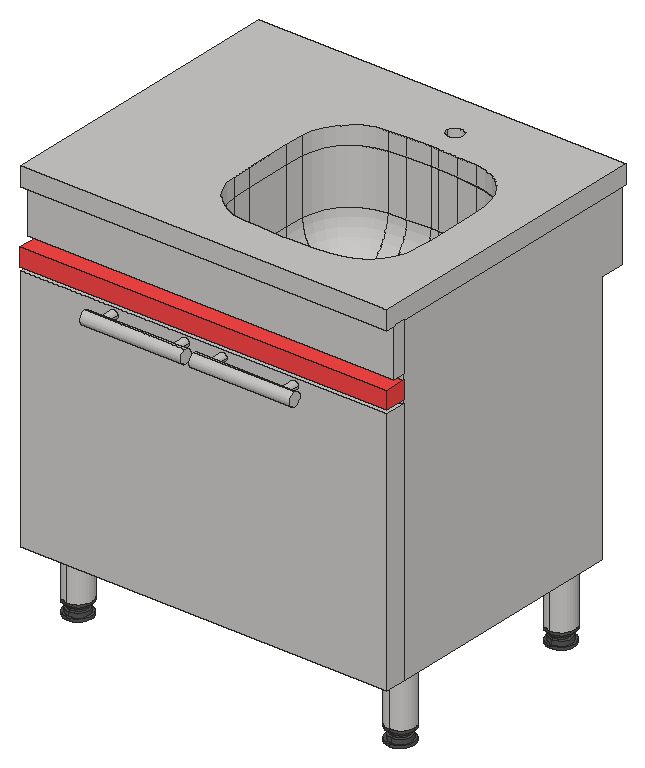
Revit family "ADB Chef’s sink cupboard CMA 801", category Equipement spécialisé, Revit 2022
Family settings
  Cote de connecteur circulaire = Utiliser le diamètre
  Type d'élément = Normal
  Numéro OmniClass = 23.40.40.14.17.11
  Titre OmniClass = Cookers, Ovens, Stoves
  Basée sur le plan de construction = Non
  Toujours verticalement = Oui
  Couper avec des vides une fois chargée = Non
  Conserver l'orientation des annotations = Non
  Partagée = Non
  Repère de localisation dans la pièce = Non
Parameters (values of type "CMA 801 BCFD")
  URL Cutsheet = "https://www.ambassade-de-bourgogne.com/fr/produits/armoires/Resources/N32-CMA_801_BCFD.pdf"
  URL = "https://www.ambassade-de-bourgogne.com/fr/produits/armoires/Resources/N32-CMA_801_BCFD.pdf"
  Item Number = ""
  Water tap option [instance] = no
  Plumbing Remarks [instance] = if(Water tap option, "G3/8 ou G1/2", "")  # ""
  Plaque = CME801 BCFG_BCFD : BCFD
  Specification by Manufacturer = ""
  Depth [instance] = 705 mm + if([Wall-spacer DSA 800], 50 mm, 0 mm)  # 705 mm
  Weight [instance] = 71.00 kg + if([Wall-spacer DSA 800], 1.00 kg, 0.00 kg) + if(Water tap option, 10.00 kg, 0.00 kg)  # 71.00 kg
  Modèle = "CMA 801 BCFD"
  Length [instance] = 800 mm  # constant formula
  Height [instance] = if(Water tap option, 1280 mm, if([Wall-spacer DSA 800], 1000 mm, 900 mm))  # 900 mm
  Fabricant = "Société Industrielle de Lacanche"  # constant formula
  Elévation par défaut = 0 mm
  Wall-spacer DSA 800 [instance] = no
  Dosseret [instance] = if([Wall-spacer DSA 800], 50 mm, 0 mm)  # 0 mm
  Direct Waste Size = 40.00 mm  # constant formula
  Cold Water Size [instance] = if(Water tap option, 14.95 mm, 0.00 mm)  # 0.00 mm
  Hot Water Size [instance] = if(Water tap option, 14.95 mm, 0.00 mm)  # 0.00 mm
  Description = "Right hs Chef’s sink"
  Connectors [instance] = yes
  Connecteur alimentation eau [instance] = and(Connectors, Water tap option)  # no
  Commentaires du type = "Ambassade range - Cupboards - Worktops"
Types (2, lengths in mm): name | URL Cutsheet | URL | Plaque | Modèle | Description
  CMA 801 BCFG | "https://www.ambassade-de-bourgogne.com/fr/produits/armoires/Resources/N31-CMA_801_BCFG.pdf" | "https://www.ambassade-de-bourgogne.com/fr/produits/armoires/Resources/N31-CMA_801_BCFG.pdf" | CME801 BCFG_BCFD : BCFG | "CMA 801 BCFG" | "Left hs Chef’s sink"
  CMA 801 BCFD | "https://www.ambassade-de-bourgogne.com/fr/produits/armoires/Resources/N32-CMA_801_BCFD.pdf" | "https://www.ambassade-de-bourgogne.com/fr/produits/armoires/Resources/N32-CMA_801_BCFD.pdf" | CME801 BCFG_BCFD : BCFD | "CMA 801 BCFD" | "Right hs Chef’s sink"
Reference planes
  plane 1 "Centre (avant/arrière)": y = 0
  plane 2: z = 0
  plane 3 "Centre (gauche/droite)": x = 0
  plane 4 "gauche": x = -400
  plane 5 "droite": x = 400
  plane 6 "fond de meuble": y = 325
  plane 7 "avant": y = -325
  plane 8 "arrière": y = 325
  plane 9: z = 900
  plane 10: x = 0
  plane 11: z = 765
  plane 12: x = 350
  plane 13: z = 810
  plane 14: y = -380
  plane 15: z = 386
Forms (mm)
  Extrusion 1, solid, detail levels coarse
    sketch origin (0, 0, 0) x (1, 0, 0) y (0, 1, 0)
      loop
        line (-400, 325) -> (-400, -380) -> (400, -380) -> (400, 325) -> (-400, 325)
    from 0 to 900 <- "Height"
  Extrusion 2, solid, material "ADB_Network_Used_water_Green", visible <- "Connectors", detail levels medium+fine
    sketch origin (254, 295, 245) x (0, 0, -1) y (-1, 0, 0)
      loop
        circle (-166, 254) r 20
    from 0 to 10
  Extrusion 3, solid, material "ADB_Network_Cold_water_Blue", visible <- "Connecteur alimentation eau", detail levels medium+fine
    sketch origin (266.475, 295, 207.525) x (0, 0, -1) y (-1, 0, 0)
      loop
        circle (-166, 254) r 7.475
    from 0 to 10
  Extrusion 4, solid, material "ADB_Network_Hot_water_Orange", visible <- "Connecteur alimentation eau", detail levels medium+fine
    sketch origin (241.525, 295, 207.525) x (0, 0, -1) y (-1, 0, 0)
      loop
        circle (-166, 254) r 7.475
    from 0 to 10
Dimensions and locks
  equal spacing: plane 5 "droite", plane 3 "Centre (gauche/droite)", plane 4 "gauche"
  "Length": plane 5 "droite" to plane 4 "gauche"
  plane 6 "fond de meuble" to plane 7 "avant" = 650 mm
  locked: plane 7 "avant" to plane 1 "Centre (avant/arrière)" at 325
  "Dosseret": plane 8 "arrière" to plane 6 "fond de meuble"
  "Height": plane 9 to plane 2
  plane 2 to plane 11 = 765 mm
  plane 5 "droite" to plane 10 = 400 mm
  plane 12 to plane 5 "droite" = 50 mm
  plane 2 to plane 13 = 810 mm
  "Depth": plane 8 "arrière" to plane 14
  aligned and locked: level to plane 2
  aligned and locked: plane 3 "Centre (gauche/droite)" to nested 1
  aligned and locked: plane 8 "arrière" to Extrusion 1
  aligned and locked: Extrusion 1 to plane 14
Automatic sketch dimensions
  Extrusion 1 sketch curve to plane 4 "gauche" = 0 mm
  Extrusion 1 sketch curve to plane 5 "droite" = 0 mm
  Extrusion 1 sketch curve to plane 14 = 0 mm
  plane 6 "fond de meuble" to Extrusion 1 sketch curve = 0 mm
  nested 1 to Extrusion 2 sketch curve = 191 mm
  Extrusion 2 sketch curve to nested 1 = 254 mm
  nested 1 to Extrusion 3 sketch curve = 153.525 mm
  Extrusion 3 sketch curve to nested 1 = 241.525 mm
  nested 1 to Extrusion 4 sketch curve = 153.525 mm
  nested 1 to Extrusion 4 sketch curve = 241.525 mm
  radius of Extrusion 2 sketch curve = 20 mm
  radius of Extrusion 3 sketch curve = 7.475 mm
  radius of Extrusion 4 sketch curve = 7.475 mm
Nested families
  nested 1: "Soubassement armoire" at (0, 0, 0), Dosseret <- "Wall-spacer DSA 800", type "1 armoire", detail levels medium+fine
    with Depth 703 mm, Door hinges inversion option no, Porte yes, Length 800 mm, Height 900 mm, Encombrement Porte standard yes, Encombrement Porte inversée no, Echelle no, Ech 808 no, Décalage poignée 395.5 mm, Dosseret no
  nested 2: "CME801 BCFG_BCFD" at (0, 0, 900), type <- "Plaque", Robinet <- "Water tap option", type "BCFD", detail levels medium+fine
    with Robinet no
Connectors
  piping at (0, 295, 411), diameter 40, driven by "Direct Waste Size"
    settings: on Extrusion 2, index 1, connector inside diameter 609.60 mm, connector length 0 mm, flow factor 0, pipe flow 0.0 L/s, pressure drop 0.0 Pa, fitting loss kfactor 0, connector angle 0.00°, fixture units 0, engagement length 0 mm, angle of deflection 0.00°, flow configuration 0, flow direction 0, fitting loss method 0, system type 7, joint type 0, gender type 0, connector reference index -1, connector utility 0, adjustable connector no, is connector primary yes, connector description ""
  piping at (12.475, 295, 373.525), driven by "Cold Water Size"
    settings: on Extrusion 3, index 2, connector diameter 0.00 mm, connector inside diameter 609.60 mm, connector length 0 mm, flow factor 0, pipe flow 0.0 L/s, pressure drop 0.0 Pa, fitting loss kfactor 0, connector angle 0.00°, fixture units 0, engagement length 0 mm, angle of deflection 0.00°, flow configuration 0, flow direction 2, fitting loss method 0, system type 29, joint type 0, gender type 0, connector reference index -1, connector utility 0, adjustable connector no, is connector primary no, connector description "Alimentation eau froide"
  piping at (-12.475, 295, 373.525), driven by "Hot Water Size"
    settings: on Extrusion 4, index 3, connector diameter 0.00 mm, connector inside diameter 609.60 mm, connector length 0 mm, flow factor 0, pipe flow 0.0 L/s, pressure drop 0.0 Pa, fitting loss kfactor 0, connector angle 0.00°, fixture units 0, engagement length 0 mm, angle of deflection 0.00°, flow configuration 0, flow direction 1, fitting loss method 0, system type 29, joint type 0, gender type 0, connector reference index -1, connector utility 0, adjustable connector no, is connector primary no, connector description "Alimentation eau chaude"
Definition of nested family "Soubassement armoire"
  Parameters (values of type "1 armoire")
    Profondeur produit = 650 mm
    Profondeur baie libre = if(Baie libre, Profondeur produit - 68 mm, 1 mm)  # 582 mm
    Door hinges inversion option [instance] = no
    Longueur poignée = 229 mm  # constant formula
    Encombrement Porte inversée [instance] = and(Porte, Door hinges inversion option)  # no
    Encombrement Porte standard [instance] = and(Porte, not(Door hinges inversion option))  # yes
    Porte [instance] = yes
    Depth [instance] = Profondeur produit + if(Dosseret, 50 mm, 0 mm) + 53 mm  # 703 mm
    Longueur produit = 800 mm
    Length [instance] = Longueur produit  # 800 mm
    Hauteur produit = 900 mm
    Height [instance] = Hauteur produit + if(Dosseret, 100 mm, 0 mm)  # 900 mm
    Default Elevation = 0 mm
    Echelle [instance] = no
    Ech 808 [instance] = no
    Décalage poignée [instance] = if(Door hinges inversion option, Length, 395.5 mm)  # 395.5 mm
    Dosseret [instance] = no
    Baie libre = yes
  Reference planes
    plane 1 "Centre (avant/arrière)": y = 0
    plane 2: z = 0
    plane 3 "Centre (gauche/droite)": x = 0
    plane 4 "Gauche": x = -400
    plane 5 "Arrière": y = 325
    plane 6 "Droite": x = 400
    plane 7 "Avant": y = -325
    plane 8 "dessous meuble": z = 155
    plane 9 "Dessus de plan": z = 900
    plane 10 "Baguette coloré": z = 696
    plane 11 "dessous plan": z = 860
    plane 12 "Face": y = -280
    plane 13 "commande": z = 755
    plane 14 "dessus dosseret": z = 900
    plane 15: y = -377.967
    plane 16: y = 325.033
    plane 17 "Baguette colorë": y = -780
    plane 18: x = -4.5
    plane 19: x = -343.25
    plane 20: x = 343.25
  Forms (mm)
    Extrusion 1, solid, visible <- "Porte", detail levels medium+fine
      sketch origin (-400, 0, 0) x (0, 1, 0) y (0, 0, 1)
        loop
          line (-325, 155) -> (-280, 155) -> (-280, 696) -> (-325, 696) -> (-325, 155)
      from 0 to 800 <- "Length"
    Extrusion 2, solid, detail levels medium+fine
      sketch origin (-400, 0, 0) x (0, 1, 0) y (0, 0, 1)
        loop
          line (-280, 742.5) -> (-327, 742.5) -> (-327, 705) -> (-280, 705) -> (-280, 742.5)
      from 0 to 800 <- "Length"
    Extrusion 3, solid, detail levels medium+fine
      sketch origin (-400, 0, 0) x (0, 1, 0) y (0, 0, 1)
        loop
          line (325, 900) -> (-325, 900) -> (-325, 860) -> (325, 860) -> (325, 900)
      from 0 to 800 <- "Length"
    Extrusion 4, void
      sketch origin (0, -325, 0) x (-1, 0, 0) y (0, 0, 1)
        loop
          line (343.25, 647.6) -> (-343.25, 647.6) -> (-343.25, 261.5) -> (343.25, 261.5) -> (343.25, 647.6)
      from 0 to 582 <- "Profondeur baie libre"
    Extrusion 5, solid, detail levels medium+fine
      sketch origin (-400, 0, 0) x (0, 1, 0) y (0, 0, 1)
        loop
          line (-280, 860) -> (-306, 860) -> (-306, 755) -> (-280, 755) -> (-280, 860)
      from 0 to 800 <- "Length"
    Extrusion 6, solid, detail levels medium+fine
      sketch origin (-400, 0, 0) x (0, 1, 0) y (0, 0, 1)
        loop
          line (315, 860) -> (-280, 860) -> (-280, 155) -> (260, 155) -> (260, 707) -> (315, 707) -> (315, 860)
      from 0 to 800 <- "Length"
    Revolve 7, solid, detail levels medium+fine
      sketch origin (351.965, 0, 0) x (0, 1, 0) y (0, 0, -1)
        loop
          line (-258.968, -155) -> (-229, -155) -> (-229, 0) -> (-258.492, 0) -> (-258.492, -5) -> (-253.001, -5) -> (-253.001, -13.586) -> (-248.857, -16.488) -> (-248.857, -22) -> (-252.82, -22) -> (-258.968, -28.148) -> (-258.968, -34) -> (-258.968, -155)
        axis (-229, 0) -> (-229, -155)
      angle from 0 to 360
    Revolve 8, solid, detail levels medium+fine
      sketch origin (-351.965, 0, 0) x (0, 1, 0) y (0, 0, 1)
        loop
          line (-258.968, 155) -> (-258.968, 34) -> (-258.968, 28.148) -> (-252.82, 22) -> (-248.857, 22) -> (-248.857, 16.488) -> (-253.001, 13.586) -> (-253.001, 5) -> (-258.492, 5) -> (-258.492, 0) -> (-229, 0) -> (-229, 155) -> (-258.968, 155)
        axis (-229, 0) -> (-229, 155)
      angle from 0 to 360
    Revolve 9, solid, detail levels medium+fine
      sketch origin (-351.965, -20, 0) x (0, -1, 0) y (0, 0, -1)
        loop
          line (-258.968, -155) -> (-229, -155) -> (-229, 0) -> (-258.492, 0) -> (-258.492, -5) -> (-253.001, -5) -> (-253.001, -13.586) -> (-248.857, -16.488) -> (-248.857, -22) -> (-252.82, -22) -> (-258.968, -28.148) -> (-258.968, -34) -> (-258.968, -155)
        axis (-229, 0) -> (-229, -155)
      angle from 0 to 360
    Extrusion 10, solid, visible <- "Dosseret", detail levels medium+fine
      sketch origin (-400, 0, 0) x (0, 1, 0) y (0, 0, 1)
        loop
          line (375.033, 1000) -> (325, 1000) -> (325, 860) -> (375.033, 860) -> (375.033, 1000)
      from 0 to 800 <- "Length"
    Revolve 11, solid, detail levels medium+fine
      sketch origin (351.965, -20, 0) x (0, -1, 0) y (0, 0, 1)
        loop
          line (-258.968, 155) -> (-258.968, 34) -> (-258.968, 28.148) -> (-252.82, 22) -> (-248.857, 22) -> (-248.857, 16.488) -> (-253.001, 13.586) -> (-253.001, 5) -> (-258.492, 5) -> (-258.492, 0) -> (-229, 0) -> (-229, 155) -> (-258.968, 155)
        axis (-229, 0) -> (-229, 155)
      angle from 0 to 360
    Extrusion 12, void
      sketch origin (0, 0, 900) x (0, -1, 0) y (1, 0, 0)
        loop
          line (-307.033, -366.567) -> (-293.033, -366.567) -> (-293.033, 366.464) -> (-307.033, 366.464) -> (-307.033, -366.567)
      from 0 to -0.8
    Extrusion 13, solid, detail levels medium+fine
      sketch origin (-400, 260, 155) x (0, 0, 1) y (1, 0, 0)
        loop
          line (65, 654) -> (65, 146) -> (552, 146) -> (552, 654) -> (65, 654)
      from 0 to 35
    Extrusion 14, solid, visible <- "Echelle", detail levels medium+fine
      sketch origin (22.75, 0, 0) x (1, 0, 0) y (0, 0, 1)
        loop
          line (-366, 648.8) -> (-366, 623.8) -> (-356.5, 623.8) -> (-356.5, 625) -> (-364.8, 625) -> (-364.8, 647.6) -> (-348, 647.6) -> (-348, 648.8) -> (-366, 648.8)
        loop
          line (-366, 548.8) -> (-366, 523.8) -> (-356.5, 523.8) -> (-356.5, 525) -> (-364.8, 525) -> (-364.8, 547.6) -> (-348, 547.6) -> (-348, 548.8) -> (-366, 548.8)
        loop
          line (-366, 448.8) -> (-366, 423.8) -> (-356.5, 423.8) -> (-356.5, 425) -> (-364.8, 425) -> (-364.8, 447.6) -> (-348, 447.6) -> (-348, 448.8) -> (-366, 448.8)
        loop
          line (-366, 348.8) -> (-366, 323.8) -> (-356.5, 323.8) -> (-356.5, 325) -> (-364.8, 325) -> (-364.8, 347.6) -> (-348, 347.6) -> (-348, 348.8) -> (-366, 348.8)
      from -113.466 to 206.5
    Extrusion 15, solid, visible <- "Echelle", detail levels medium+fine
      sketch origin (-22.75, 0, 0) x (-1, 0, 0) y (0, 0, -1)
        loop
          line (-366, -648.8) -> (-348, -648.8) -> (-348, -647.6) -> (-364.8, -647.6) -> (-364.8, -625) -> (-356.5, -625) -> (-356.5, -623.8) -> (-366, -623.8) -> (-366, -648.8)
        loop
          line (-366, -548.8) -> (-348, -548.8) -> (-348, -547.6) -> (-364.8, -547.6) -> (-364.8, -525) -> (-356.5, -525) -> (-356.5, -523.8) -> (-366, -523.8) -> (-366, -548.8)
        loop
          line (-366, -448.8) -> (-348, -448.8) -> (-348, -447.6) -> (-364.8, -447.6) -> (-364.8, -425) -> (-356.5, -425) -> (-356.5, -423.8) -> (-366, -423.8) -> (-366, -448.8)
        loop
          line (-366, -348.8) -> (-348, -348.8) -> (-348, -347.6) -> (-364.8, -347.6) -> (-364.8, -325) -> (-356.5, -325) -> (-356.5, -323.8) -> (-366, -323.8) -> (-366, -348.8)
      from -113.466 to 206.5
    Extrusion 16, solid, visible <- "Ech 808", detail levels medium+fine
      sketch origin (-400, -327, 742.5) x (0, 0, -1) y (1, 0, 0)
        loop
          line (63.5, 385.5) -> (481, 385.5) -> (481, 414.5) -> (63.5, 414.5) -> (63.5, 385.5)
      from -67 to -47
    Extrusion 17, solid, visible <- "Ech 808", detail levels medium+fine
      sketch origin (-380.9, 0, 0) x (-1, 0, 0) y (0, 0, -1)
        loop
          line (-366, -648.8) -> (-348, -648.8) -> (-348, -647.6) -> (-364.8, -647.6) -> (-364.8, -625) -> (-356.5, -625) -> (-356.5, -623.8) -> (-366, -623.8) -> (-366, -648.8)
        loop
          line (-366, -548.8) -> (-348, -548.8) -> (-348, -547.6) -> (-364.8, -547.6) -> (-364.8, -525) -> (-356.5, -525) -> (-356.5, -523.8) -> (-366, -523.8) -> (-366, -548.8)
        loop
          line (-366, -448.8) -> (-348, -448.8) -> (-348, -447.6) -> (-364.8, -447.6) -> (-364.8, -425) -> (-356.5, -425) -> (-356.5, -423.8) -> (-366, -423.8) -> (-366, -448.8)
        loop
          line (-366, -348.8) -> (-348, -348.8) -> (-348, -347.6) -> (-364.8, -347.6) -> (-364.8, -325) -> (-356.5, -325) -> (-356.5, -323.8) -> (-366, -323.8) -> (-366, -348.8)
      from -237 to 260
    Extrusion 18, solid, visible <- "Ech 808", detail levels medium+fine
      sketch origin (380.9, 0, 0) x (1, 0, 0) y (0, 0, 1)
        loop
          line (-366, 648.8) -> (-366, 623.8) -> (-356.5, 623.8) -> (-356.5, 625) -> (-364.8, 625) -> (-364.8, 647.6) -> (-348, 647.6) -> (-348, 648.8) -> (-366, 648.8)
        loop
          line (-366, 548.8) -> (-366, 523.8) -> (-356.5, 523.8) -> (-356.5, 525) -> (-364.8, 525) -> (-364.8, 547.6) -> (-348, 547.6) -> (-348, 548.8) -> (-366, 548.8)
        loop
          line (-366, 448.8) -> (-366, 423.8) -> (-356.5, 423.8) -> (-356.5, 425) -> (-364.8, 425) -> (-364.8, 447.6) -> (-348, 447.6) -> (-348, 448.8) -> (-366, 448.8)
        loop
          line (-366, 348.8) -> (-366, 323.8) -> (-356.5, 323.8) -> (-356.5, 325) -> (-364.8, 325) -> (-364.8, 347.6) -> (-348, 347.6) -> (-348, 348.8) -> (-366, 348.8)
      from -237 to 260
    Extrusion 19, solid, visible <- "Ech 808", detail levels medium+fine
      sketch origin (-400, 190, 742.5) x (0, 0, -1) y (1, 0, 0)
        loop
          line (63.5, 385.5) -> (481, 385.5) -> (481, 414.5) -> (63.5, 414.5) -> (63.5, 385.5)
      from -67 to -47
  Cuts and joins
    Extrusion 12 cuts Extrusion 10
    Extrusion 4 cuts Extrusion 6
  Lines and regions (mm)
    symbolic lines, visible <- "Porte"
      curve 1: line (400, -280, 155) -> (400, -680, 155)
      curve 2: line (-400, -280, 155) -> (-400, -680, 155)
      curve 3: arc (0, -280, 155) -> (-117.157, -562.843, 155) -> (-400, -680, 155) r 400
      curve 4: arc (0, -280, 155) -> (117.157, -562.843, 155) -> (400, -680, 155) r 400
    model lines, visible <- "Porte"
      curve 5: line (0, -325, 705) -> (0, -325, 155)
  Dimensions and locks
    equal spacing: plane 7 "Avant", plane 1 "Centre (avant/arrière)", plane 5 "Arrière"
    "Profondeur produit": plane 5 "Arrière" to plane 7 "Avant"
    equal spacing: plane 4 "Gauche", plane 3 "Centre (gauche/droite)", plane 6 "Droite"
    "Longueur produit": plane 4 "Gauche" to plane 6 "Droite"
    "Hauteur produit": plane 9 "Dessus de plan" to plane 2
    locked: plane 8 "dessous meuble" to plane 2 at 155
    locked: plane 9 "Dessus de plan" to plane 11 "dessous plan" at 40
    locked: plane 7 "Avant" to plane 12 "Face" at 45
    locked: plane 13 "commande" to plane 10 "Baguette coloré" at 59
    locked: plane 11 "dessous plan" to plane 13 "commande" at 105
    Extrusion 4 sketch curve to plane 8 "dessous meuble" = 106.5 mm
    Extrusion 4 sketch curve to plane 6 "Droite" = 56.75 mm
    Extrusion 4 sketch curve to plane 4 "Gauche" = 56.75 mm
    plane 10 "Baguette coloré" to Extrusion 4 sketch curve = 48.4 mm
    "Height": plane 14 "dessus dosseret" to plane 2
    locked: plane 7 "Avant" to plane 15 at 52.967
    "Depth": plane 15 to plane 16
    equal spacing: Extrusion 13 sketch curve, plane 3 "Centre (gauche/droite)", Extrusion 13 sketch curve
    "Décalage poignée": plane 18 to plane 4 "Gauche"
    locked: plane 4 "Gauche" to Revolve 9 at 18.067
    locked: Revolve 11 to plane 6 "Droite" at 18.067
    locked: Revolve 7 to plane 6 "Droite" at 18.067
    locked: plane 4 "Gauche" to Revolve 8 at 18.067
    locked: Revolve 8 to plane 12 "Face" at 21.032
    locked: Revolve 7 to plane 12 "Face" at 21.032
    locked: plane 5 "Arrière" to Extrusion 10 sketch curve at 50.033
    plane 16 to Extrusion 12 sketch curve to Extrusion 12 sketch curve = 18 mm locked, 14 mm locked
    aligned and locked: level to plane 2
    aligned and locked: plane 18 to nested 1
    aligned and locked: Extrusion 18 sketch curve to Extrusion 18 sketch curve
  Automatic sketch dimensions
    Extrusion 1 sketch curve to plane 7 "Avant" = 0 mm
    Extrusion 1 sketch curve to plane 10 "Baguette coloré" = 0 mm
    Extrusion 1 sketch curve to plane 12 "Face" = 0 mm
    Extrusion 1 sketch curve to plane 8 "dessous meuble" = 0 mm
    Extrusion 2 sketch curve to plane 12 "Face" = 0 mm
    Extrusion 2 sketch curve to plane 7 "Avant" = 2 mm
    plane 10 "Baguette coloré" to Extrusion 2 sketch curve = 9 mm
    Extrusion 2 sketch curve to plane 13 "commande" = 12.5 mm
    Extrusion 3 sketch curve to plane 7 "Avant" = 0 mm
    Extrusion 3 sketch curve to plane 5 "Arrière" = 0 mm
    Extrusion 3 sketch curve to plane 11 "dessous plan" = 0 mm
    Extrusion 3 sketch curve to plane 9 "Dessus de plan" = 0 mm
    Extrusion 5 sketch curve to plane 11 "dessous plan" = 0 mm
    Extrusion 5 sketch curve to plane 13 "commande" = 0 mm
    Extrusion 5 sketch curve to plane 12 "Face" = 0 mm
    plane 7 "Avant" to Extrusion 5 sketch curve = 19 mm
    Extrusion 6 sketch curve to plane 11 "dessous plan" = 0 mm
    Extrusion 6 sketch curve to plane 12 "Face" = 0 mm
    Extrusion 6 sketch curve to plane 8 "dessous meuble" = 0 mm
    Extrusion 6 sketch curve to plane 5 "Arrière" = 65 mm
    Extrusion 6 sketch curve to plane 5 "Arrière" = 10 mm
    plane 10 "Baguette coloré" to Extrusion 6 sketch curve = 11 mm
    Revolve 7 sketch curve to plane 8 "dessous meuble" = 0 mm
    Revolve 7 sketch curve to level = 0 mm
    plane 12 "Face" to Revolve 7 sketch curve = 21.032 mm
    plane 12 "Face" to Revolve 7 sketch curve = 21.508 mm
    Revolve 7 sketch curve to Revolve 7 sketch curve = 5.491 mm
    Revolve 7 sketch curve to Revolve 7 sketch curve = 0.181 mm
    Revolve 7 sketch curve to Revolve 7 sketch curve = 3.964 mm
    Revolve 7 sketch curve to Revolve 7 sketch curve = 24.001 mm
    level to Revolve 7 sketch curve = 34 mm
    Revolve 7 sketch curve to Revolve 7 sketch curve = 5.852 mm
    Revolve 7 sketch curve to Revolve 7 sketch curve = 6.148 mm
    Revolve 7 sketch curve to Revolve 7 sketch curve = 5.512 mm
    Revolve 7 sketch curve to Revolve 7 sketch curve = 2.902 mm
    level to Revolve 7 sketch curve = 5 mm
    Revolve 7 sketch curve to Revolve 7 sketch curve = 0 mm
    plane 8 "dessous meuble" to Revolve 7 sketch curve = 19 mm
    Revolve 7 sketch curve to Revolve 7 sketch curve = 12 mm
    Revolve 8 sketch curve to plane 8 "dessous meuble" = 0 mm
    Revolve 8 sketch curve to level = 0 mm
    plane 12 "Face" to Revolve 8 sketch curve = 21.032 mm
    plane 12 "Face" to Revolve 8 sketch curve = 21.508 mm
    Revolve 8 sketch curve to Revolve 8 sketch curve = 5.491 mm
    Revolve 8 sketch curve to Revolve 8 sketch curve = 0.181 mm
    Revolve 8 sketch curve to Revolve 8 sketch curve = 3.964 mm
    Revolve 8 sketch curve to Revolve 8 sketch curve = 24.001 mm
    level to Revolve 8 sketch curve = 5 mm
    Revolve 8 sketch curve to Revolve 8 sketch curve = 8.586 mm
    Revolve 8 sketch curve to Revolve 8 sketch curve = 2.902 mm
    Revolve 8 sketch curve to Revolve 8 sketch curve = 5.512 mm
    Revolve 8 sketch curve to Revolve 8 sketch curve = 6.148 mm
    Revolve 8 sketch curve to Revolve 8 sketch curve = 5.852 mm
    Revolve 8 sketch curve to Revolve 8 sketch curve = 0 mm
    Revolve 8 sketch curve to Revolve 8 sketch curve = 12 mm
    plane 8 "dessous meuble" to Revolve 8 sketch curve = 19 mm
    Revolve 9 sketch curve to plane 8 "dessous meuble" = 0 mm
    Revolve 9 sketch curve to level = 0 mm
    level to Revolve 9 sketch curve = 28.148 mm
    Revolve 9 sketch curve to plane 5 "Arrière" = 86.032 mm
    Revolve 9 sketch curve to Revolve 9 sketch curve = 0.477 mm
    level to Revolve 9 sketch curve = 13.586 mm
    Revolve 9 sketch curve to Revolve 9 sketch curve = 5.491 mm
    Revolve 9 sketch curve to Revolve 9 sketch curve = 0.181 mm
    Revolve 9 sketch curve to Revolve 9 sketch curve = 3.964 mm
    Revolve 9 sketch curve to Revolve 9 sketch curve = 24.001 mm
    Revolve 9 sketch curve to Revolve 9 sketch curve = 5.852 mm
    Revolve 9 sketch curve to Revolve 9 sketch curve = 8.414 mm
    Revolve 9 sketch curve to Revolve 9 sketch curve = 2.902 mm
    level to Revolve 9 sketch curve = 5 mm
    Revolve 9 sketch curve to Revolve 9 sketch curve = 0 mm
    plane 8 "dessous meuble" to Revolve 9 sketch curve = 19 mm
    Revolve 9 sketch curve to Revolve 9 sketch curve = 12 mm
    Extrusion 10 sketch curve to plane 5 "Arrière" = 0 mm
    Extrusion 10 sketch curve to plane 11 "dessous plan" = 0 mm
    plane 9 "Dessus de plan" to Extrusion 10 sketch curve = 100 mm
    curve 1 to plane 6 "Droite" = 0 mm
    plane 6 "Droite" to curve 3 = 400 mm
    curve 3 to plane 4 "Gauche" = 0 mm
    plane 4 "Gauche" to curve 4 = 400 mm
    curve 1 to plane 12 "Face" = 0 mm
    curve 4 to plane 12 "Face" = 0 mm
    curve 2 to plane 12 "Face" = 0 mm
    curve 3 to plane 12 "Face" = 0 mm
    Revolve 11 sketch curve to plane 8 "dessous meuble" = 0 mm
    Revolve 11 sketch curve to level = 0 mm
    level to Revolve 11 sketch curve = 28.148 mm
    Revolve 11 sketch curve to plane 5 "Arrière" = 86.032 mm
    Revolve 11 sketch curve to Revolve 11 sketch curve = 0.477 mm
    level to Revolve 11 sketch curve = 13.586 mm
    Revolve 11 sketch curve to Revolve 11 sketch curve = 5.491 mm
    Revolve 11 sketch curve to Revolve 11 sketch curve = 0.181 mm
    Revolve 11 sketch curve to Revolve 11 sketch curve = 3.964 mm
    Revolve 11 sketch curve to Revolve 11 sketch curve = 24.001 mm
    level to Revolve 11 sketch curve = 5 mm
    Revolve 11 sketch curve to Revolve 11 sketch curve = 2.902 mm
    Revolve 11 sketch curve to Revolve 11 sketch curve = 5.512 mm
    Revolve 11 sketch curve to Revolve 11 sketch curve = 5.852 mm
    Revolve 11 sketch curve to Revolve 11 sketch curve = 0 mm
    Revolve 11 sketch curve to Revolve 11 sketch curve = 12 mm
    plane 8 "dessous meuble" to Revolve 11 sketch curve = 19 mm
    Extrusion 13 sketch curve to Extrusion 6 = 0 mm
    Extrusion 6 to Extrusion 13 sketch curve = 65 mm
    Extrusion 6 to Extrusion 13 sketch curve = 146 mm
    Extrusion 14 sketch curve to Extrusion 14 sketch curve = 8.3 mm  (x4)
    Extrusion 14 sketch curve to Extrusion 14 sketch curve = 16.8 mm  (x4)
    plane 8 "dessous meuble" to Extrusion 14 sketch curve = 168.8 mm
    Extrusion 14 sketch curve to Extrusion 14 sketch curve = 1.2 mm  (x12)
    Extrusion 14 sketch curve to Extrusion 14 sketch curve = 22.6 mm  (x4)
    Extrusion 14 sketch curve to Extrusion 14 sketch curve = 75 mm  (x2)
    Extrusion 14 sketch curve to plane 10 "Baguette coloré" = 72.2 mm
    Extrusion 15 sketch curve to Extrusion 15 sketch curve = 8.3 mm  (x4)
    Extrusion 15 sketch curve to Extrusion 15 sketch curve = 16.8 mm  (x4)
    Extrusion 15 sketch curve to plane 10 "Baguette coloré" = 47.2 mm
    Extrusion 15 sketch curve to Extrusion 15 sketch curve = 1.2 mm  (x12)
    Extrusion 15 sketch curve to Extrusion 15 sketch curve = 22.6 mm  (x4)
    Extrusion 15 sketch curve to Extrusion 15 sketch curve = 75 mm  (x3)
    curve 5 to plane 3 "Centre (gauche/droite)" = 0 mm
    curve 5 to plane 8 "dessous meuble" = 0 mm
    plane 10 "Baguette coloré" to curve 5 = 9 mm
    Extrusion 2 to Extrusion 16 sketch curve = 26 mm
    Extrusion 17 sketch curve to plane 3 "Centre (gauche/droite)" = 14.9 mm  (x4)
    Extrusion 17 sketch curve to plane 3 "Centre (gauche/droite)" = 16.1 mm  (x4)
    Extrusion 17 sketch curve to plane 18 = 19.9 mm  (x4)
    Extrusion 17 sketch curve to plane 18 = 28.4 mm  (x4)
    Extrusion 17 sketch curve to plane 10 "Baguette coloré" = 47.2 mm
    Extrusion 17 sketch curve to Extrusion 17 sketch curve = 1.2 mm  (x8)
    Extrusion 17 sketch curve to Extrusion 17 sketch curve = 22.6 mm  (x4)
    Extrusion 17 sketch curve to Extrusion 17 sketch curve = 75 mm  (x3)
    plane 3 "Centre (gauche/droite)" to Extrusion 18 sketch curve = 14.9 mm  (x4)
    plane 3 "Centre (gauche/droite)" to Extrusion 18 sketch curve = 16.1 mm  (x4)
    Extrusion 18 sketch curve to Extrusion 18 sketch curve = 8.3 mm  (x4)
    Extrusion 18 sketch curve to Extrusion 18 sketch curve = 16.8 mm  (x3)
    plane 8 "dessous meuble" to Extrusion 18 sketch curve = 168.8 mm
    Extrusion 18 sketch curve to Extrusion 18 sketch curve = 1.2 mm  (x8)
    Extrusion 18 sketch curve to Extrusion 18 sketch curve = 22.6 mm  (x4)
    Extrusion 18 sketch curve to Extrusion 18 sketch curve = 75 mm  (x2)
    Extrusion 18 sketch curve to plane 10 "Baguette coloré" = 72.2 mm
    Extrusion 16 sketch curve to Extrusion 16 sketch curve = 417.5 mm
    Extrusion 16 sketch curve to Extrusion 16 sketch curve = 29 mm
    Extrusion 19 sketch curve to plane 10 "Baguette coloré" = 17 mm
    plane 8 "dessous meuble" to Extrusion 19 sketch curve = 106.5 mm
    plane 4 "Gauche" to Extrusion 12 sketch curve = 33.433 mm
    plane 4 "Gauche" to Extrusion 14 sketch curve = 56.75 mm  (x4)
    plane 6 "Droite" to Extrusion 12 sketch curve = 33.536 mm
    plane 6 "Droite" to Extrusion 15 sketch curve = 56.75 mm  (x4)
    Extrusion 2 to Extrusion 16 sketch curve = 385.5 mm
    Extrusion 19 sketch curve to plane 18 = 10 mm
    plane 3 "Centre (gauche/droite)" to Extrusion 19 sketch curve = 14.5 mm
  Nested families
    nested 1: "Poignée" at (-119, -325, 681.933) x (1, 0, 0) z (0, -1, 0), visible <- "Porte", Longueur <- "Longueur poignée", type "Poignée", detail levels fine
      with Longueur 229 mm
    nested 2: "Poignée" at (119, -325, 681.933) x (-1, 0, 0) z (0, -1, 0), visible <- "Porte", Longueur <- "Longueur poignée", type "Poignée", detail levels fine
      with Longueur 229 mm
  Definition of nested family "Poignée"
    Parameters (values of type "Poignée")
      Longueur [instance] = 800 mm
      Default Elevation = 1219.2 mm
    Reference planes
      plane 1 "Centre (avant/arrière)": y = 0
      plane 2: z = 0
      plane 3 "Centre (gauche/droite)": x = 0
      plane 4: x = -400
      plane 5: x = 400
      plane 6: x = -395
      plane 7: x = 395
    Forms (mm)
      Extrusion 1, solid
        sketch origin (0, 0, 0) x (1, 0, 0) y (0, 1, 0)
          loop
            line (-1219.2, 1219.2) -> (-1219.2, -1219.2) -> (1219.2, -1219.2) -> (1219.2, 1219.2) -> (-1219.2, 1219.2)
        from 0 to -304.8
      Extrusion 2, solid
        sketch origin (0, 0, 0) x (0, 1, 0) y (0, 0, 1)
          loop
            circle (0, 38.995) r 13.972
        from -395 to 395
      Extrusion 3, solid
        sketch origin (0, 0, 0) x (1, 0, 0) y (0, 1, 0)
          loop
            circle (-363.542, 0) r 8.5
          loop
            circle (363.453, 0) r 8.5
        from 0 to 37.089
    Cuts and joins
      joined: Extrusion 2, Extrusion 3
    Dimensions and locks
      equal spacing: plane 4, plane 3 "Centre (gauche/droite)", plane 5
      "Longueur": plane 4 to plane 5
      locked: plane 4 to plane 6 at 5
      locked: plane 7 to plane 5 at 5
      locked: plane 6 to Extrusion 3 sketch curve at 31.458
      locked: Extrusion 3 sketch curve to plane 7 at 31.547
      aligned and locked: plane 2 to Extrusion 1
      aligned and locked: level to Extrusion 1
      aligned and locked: plane 6 to Extrusion 2
      aligned and locked: Extrusion 2 to plane 7
      aligned and locked: plane 1 "Centre (avant/arrière)" to Extrusion 3 sketch curve
    Automatic sketch dimensions
      Extrusion 1 sketch curve to Extrusion 1 sketch curve = 2438.4 mm  (x2)
      Extrusion 2 sketch curve to plane 1 "Centre (avant/arrière)" = 0 mm
      level to Extrusion 2 sketch curve = 38.995 mm
      plane 1 "Centre (avant/arrière)" to Extrusion 3 sketch curve = 0 mm
      radius of Extrusion 2 sketch curve = 13.972 mm
      radius of Extrusion 3 sketch curve = 8.5 mm  (x2)
